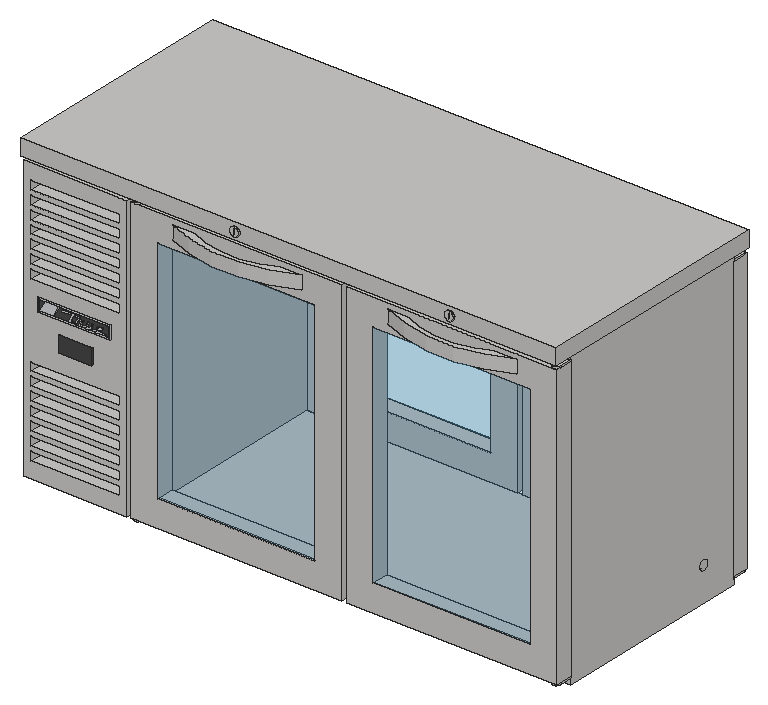
Revit family "QF_TRUE_TBR60-PTSZ1-L-B-GG-GG-1", category Specialty Equipment, Revit 2016
Family settings
  Part Type = Normal
  Round Connector Dimension = Use Diameter
  Work Plane-Based = No
  Always vertical = Yes
  Cut with Voids When Loaded = No
  Shared = No
  Room Calculation Point = No
Parameters
  Weight in Pounds = 0
  Watts = if(Phase = 3, Volts * FL Amps * 1.73, Volts * FL Amps)  # 0 W
  Waste Water Discharge Temperature = 0 °F
  Volts = 0 V
  URL Cutsheet = ""
  Steam Supply Volume = 0 GPM
  Steam Supply Size = 0"
  Steam Supply RI Height = 0"
  Steam Supply Minimum Pressure = 0.00 psi
  Steam Supply Maximum Pressure = 0.00 psi
  Steam Supply Connection Height = 0"
  Specification by User = ""
  Specification by Manufacturer = ""
  Show Logo [instance] = yes
  Show Clearance [instance] = yes
  Serial Number = ""
  Seismic Rating = ""
  SMACNA No = ""
  Revision Code = ""
  Plumbing Remarks = ""
  Plumbing Connection Type = ""
  Phase = 1
  Number of Poles = 1
  NAFEM Spec ID Number = ""
  Model = "TBR60-PTSZ1-L-B-GG-GG-1"
  Min Ckt Ampacity = 0 A
  Mechanical Remarks = ""
  Mechanical Connection Type = ""
  Max Overcurrent Protection = 0 A
  Masterspec = ""
  Manufacturer = "TRUE"
  Length = 60"
  Item Number = ""
  Installed By = ""
  Indirect Waste Size = 1/2"
  Indirect Waste Flow = 0 GPM
  Indirect Waste Connection Type = ""
  Indirect Waste Connection Height = 0"
  Identify Quantity as Lot = yes
  Height = 34 11/16"
  HP = "0"
  Furnished By = ""
  Foodservice Equipment Identifier = yes
  FL Amps = 0 A
  Electrical Remarks = ""
  Electric Connection Type = ""
  Elec Conn RI Height = 0"
  Elec Conn Connection Height = 0"
  Description = "REACH-IN SINGLE REFRIGERATOR"
  Depth = 30"
  Cycle = 0 Hz
  Conn Plug = ""
  Conn Conduit = yes
  Condensate Return Size = 1/2"
  Condensate Return RI Height = 0"
  Condensate Return Connection Height = 0"
  CSI MasterFormat = ""
  Apparent Power = if(Phase = 3, Volts * FL Amps * 1.73, Volts * FL Amps)  # 0 VA
Reference planes (in)
  plane 1 "BACK": y = 0
  plane 2: z = 0
  plane 3 "LEFT": x = 0
  plane 4 "RIGHT": x = 60
  plane 5 "FRONT": y = -30
  plane 6 "TOP": z = 34.6875
  plane 7 "Center Y": x = 30
  plane 8 "Center X": y = -15
  plane 9: z = 0.78125
  plane 10: z = 32.46875
  plane 11: y = 21.1875
  plane 12: y = -51.1875
  plane 13: x = 24.0625
Forms (in)
  Extrusion 1, solid, material "QF_Metal - Stainless - Polished"
    sketch origin (0, -3.60936, 0) x (0, 1, 0) y (0, 0, 1)
      loop
        line (-24.85939, 34.6875) -> (-24.85939, 32.9375) -> (2.07811, 32.9375) -> (2.07811, 34.6875) -> (-24.85939, 34.6875)
    from 0 to 60
  Extrusion 2, solid, material "QF_Plastic - Black - Transparent"
    sketch origin (0.04324, -28.28125, 0) x (1, 0, 0) y (0, 0, 1)
      loop
        line (4.20676, 16.37472) -> (4.20676, 14.62472) -> (7.87863, 14.62472) -> (7.87863, 16.37472) -> (4.20676, 16.37472)
    from 0 to 0.125
  Extrusion 3, solid, material "QF_Metal - Stainless - Polished"
    sketch origin (0, -7.21873, 0) x (1, 0, 0) y (0, 1, 0)
      loop
        circle (16.75, -1.34377) r 0.5
      loop
        circle (52.25, -0.71877) r 0.5
    from 0 to 0.125
  Extrusion 4, solid, material "QF_Metal - Stainless - Polished"
    sketch origin (60, -3.60936, 0) x (0, 0, 1) y (0, -1, 0)
      loop
        circle (3.9375, 4.32814) r 0.5
    from 0 to 0.125
  Extrusion 5, solid, material "QF_Metal - Stainless - Polished"
    sketch origin (31.25, -26.38176, 32.46875) x (1, 0, 0) y (0, 1, 0)
      loop
        arc (-19, -1.45442) -> (-18.62072, -1.8946) -> (-18.12932, -1.58454) r 0.44506
        line (-18.12932, -1.58454) -> (-17.64487, 0) -> (-19, 0) -> (-19, -1.45442)
    from 0 to 0.125
  Extrusion 6, solid, material "QF_Metal - Stainless - Polished"
    sketch origin (48.25, -26.38176, 0.78125) x (0, 1, 0) y (1, 0, 0)
      loop
        line (-1.45442, -36) -> (0, -36) -> (0, -34.64487) -> (-1.58454, -35.12932)
        arc (-1.58454, -35.12932) -> (-1.8946, -35.62072) -> (-1.45442, -36) r 0.44506
    from 0 to 0.125
  Extrusion 7, solid, material "QF_Metal - Stainless - Polished"
    sketch origin (41, -26.38176, 32.46875) x (-1, 0, 0) y (0, -1, 0)
      loop
        line (-19, 1.45442) -> (-19, 0) -> (-17.64487, 0) -> (-18.12932, 1.58454)
        arc (-18.12932, 1.58454) -> (-18.62072, 1.8946) -> (-19, 1.45442) r 0.44506
    from 0 to 0.125
  Extrusion 8, solid, material "QF_Metal - Stainless - Polished"
    sketch origin (24, -26.38176, 0.78125) x (0, -1, 0) y (-1, 0, 0)
      loop
        arc (1.45442, -36) -> (1.8946, -35.62072) -> (1.58454, -35.12932) r 0.44506
        line (1.58454, -35.12932) -> (0, -34.64487) -> (0, -36) -> (1.45442, -36)
    from 0 to 0.125
  Extrusion 9, solid, material "QF_Metal - Stainless - Polished"
    sketch origin (0, -26.39063, 0.03125) x (1, 0, 0) y (0, 0, 1)
      loop
        line (12.25, 0.75) -> (35.875, 0.75) -> (35.875, 32.4375) -> (12.25, 32.4375) -> (12.25, 0.75)
      loop
        line (60, 0.75) -> (60, 32.4375) -> (36.375, 32.4375) -> (36.375, 0.75) -> (60, 0.75)
      loop
        line (32.875, 29.4375) -> (15.25, 29.4375) -> (15.25, 3.75) -> (32.875, 3.75) -> (32.875, 29.4375)
      loop
        line (57, 29.4375) -> (39.375, 29.4375) -> (39.375, 3.75) -> (57, 3.75) -> (57, 29.4375)
    from -0.01563 to 1.89062
  Extrusion 10, solid, material "QF_Door-Drawer Clearances", visible <- "Show Clearance", detail levels coarse
    sketch origin (48.375, -26.35936, 0.8125) x (0, 1, 0) y (1, 0, 0)
      loop
        line (-1.92189, 11.625) -> (-24.82814, 11.625)
        arc (-24.82814, 11.625) -> (-18.1487, -4.81596) -> (-1.92189, -12) r 23.68133
        line (-1.92189, -12) -> (-1.92189, 11.625)
      loop
        line (-1.92189, -36.125) -> (-1.92189, -12.5)
        arc (-1.92189, -12.5) -> (-18.1487, -19.68404) -> (-24.82814, -36.125) r 23.68133
        line (-24.82814, -36.125) -> (-1.92189, -36.125)
    from 0.03125 to -31.65625
  Extrusion 11, solid, material "QF_Metal - Stainless - Polished"
    sketch origin (29.40625, -26.35936, 32.5) x (-1, 0, 0) y (0, -1, 0)
      loop
        arc (12.48111, 1.92189) -> (5.25, 3.64064) -> (-1.98111, 1.92189) r 16.0707
        line (-1.98111, 1.92189) -> (0.28781, 1.92189)
        arc (0.28781, 1.92189) -> (5.25, 3.15287) -> (10.21219, 1.92189) r 10.61701
        line (10.21219, 1.92189) -> (12.48111, 1.92189)
    from -2.11784 to -0.60631
  Extrusion 12, solid, material "QF_Metal - Stainless - Polished"
    sketch origin (53.46875, -26.35936, 32.5) x (-1, 0, 0) y (0, -1, 0)
      loop
        arc (12.48111, 1.92189) -> (5.25, 3.64063) -> (-1.98111, 1.92189) r 16.07078
        line (-1.98111, 1.92189) -> (0.28781, 1.92189)
        arc (0.28781, 1.92189) -> (5.25, 3.15287) -> (10.21219, 1.92189) r 10.61701
        line (10.21219, 1.92189) -> (12.48111, 1.92189)
    from -2.11784 to -0.60631
  Extrusion 13, solid, material "QF_Metal - Stainless - Polished"
    sketch origin (0, -26.39063, 0) x (1, 0, 0) y (0, 0, 1)
      loop
        line (0.20313, 0.78125) -> (11.79688, 0.78125) -> (11.79688, 32.46875) -> (0.20313, 32.46875) -> (0.20313, 0.78125)
      loop
        line (1.03906, 30.81709) -> (1.03906, 29.81709) -> (10.96094, 29.81709) -> (10.96094, 30.81709) -> (1.03906, 30.81709)
      loop
        line (1.03906, 29.31709) -> (1.03906, 28.31709) -> (10.96094, 28.31709) -> (10.96094, 29.31709) -> (1.03906, 29.31709)
      loop
        line (1.03906, 27.81709) -> (1.03906, 26.81709) -> (10.96094, 26.81709) -> (10.96094, 27.81709) -> (1.03906, 27.81709)
      loop
        line (1.03906, 26.31709) -> (1.03906, 25.31709) -> (10.96094, 25.31709) -> (10.96094, 26.31709) -> (1.03906, 26.31709)
      loop
        line (1.03906, 24.81709) -> (1.03906, 23.81709) -> (10.96094, 23.81709) -> (10.96094, 24.81709) -> (1.03906, 24.81709)
      loop
        line (1.03906, 21.81709) -> (1.03906, 20.81709) -> (10.96094, 20.81709) -> (10.96094, 21.81709) -> (1.03906, 21.81709)
      loop
        line (1.03906, 23.31709) -> (1.03906, 22.31709) -> (10.96094, 22.31709) -> (10.96094, 23.31709) -> (1.03906, 23.31709)
      loop
        line (1.03906, 12.56709) -> (1.03906, 11.56709) -> (10.96094, 11.56709) -> (10.96094, 12.56709) -> (1.03906, 12.56709)
      loop
        line (1.03906, 11.06709) -> (1.03906, 10.06709) -> (10.96094, 10.06709) -> (10.96094, 11.06709) -> (1.03906, 11.06709)
      loop
        line (1.03906, 9.56709) -> (1.03906, 8.56709) -> (10.96094, 8.56709) -> (10.96094, 9.56709) -> (1.03906, 9.56709)
      loop
        line (1.03906, 8.06709) -> (1.03906, 7.06709) -> (10.96094, 7.06709) -> (10.96094, 8.06709) -> (1.03906, 8.06709)
      loop
        line (1.03906, 6.56709) -> (1.03906, 5.56709) -> (10.96094, 5.56709) -> (10.96094, 6.56709) -> (1.03906, 6.56709)
      loop
        line (1.03906, 3.56709) -> (1.03906, 2.56709) -> (10.96094, 2.56709) -> (10.96094, 3.56709) -> (1.03906, 3.56709)
      loop
        line (1.03906, 5.06709) -> (1.03906, 4.06709) -> (10.96094, 4.06709) -> (10.96094, 5.06709) -> (1.03906, 5.06709)
    from -0.01563 to 1.89062
  Extrusion 14, solid, material "QF_Metal - Stainless - Polished"
    sketch origin (0, -3.59374, 0) x (1, 0, 0) y (0, 0, 1)
      loop
        line (59, 0.78125) -> (59, 32.46875) -> (12.25, 32.46875) -> (12.25, 0.78125) -> (59, 0.78125)
      loop
        line (60, 32.9375) -> (0, 32.9375) -> (0, 0) -> (60, 0) -> (60, 32.9375)
    from 0.03126 to 22.78126
  Extrusion 15, solid, material "QF_Metal - Stainless - Polished"
    sketch origin (31.25, -3.61824, 32.46875) x (1, 0, 0) y (0, 1, 0)
      loop
        line (-19, 1.45442) -> (-19, 0) -> (-17.64487, 0) -> (-18.12932, 1.58454)
        arc (-18.12932, 1.58454) -> (-18.62072, 1.8946) -> (-19, 1.45442) r 0.44506
    from 0 to 0.125
  Extrusion 16, solid, material "QF_Metal - Stainless - Polished"
    sketch origin (48.25, -3.61824, 0.78125) x (0, 1, 0) y (1, 0, 0)
      loop
        arc (1.45442, -36) -> (1.8946, -35.62072) -> (1.58454, -35.12932) r 0.44506
        line (1.58454, -35.12932) -> (0, -34.64487) -> (0, -36) -> (1.45442, -36)
    from 0 to 0.125
  Extrusion 17, solid, material "QF_Metal - Stainless - Polished"
    sketch origin (41, -3.61824, 32.46875) x (-1, 0, 0) y (0, -1, 0)
      loop
        arc (-19, -1.45442) -> (-18.62072, -1.8946) -> (-18.12932, -1.58454) r 0.44506
        line (-18.12932, -1.58454) -> (-17.64487, 0) -> (-19, 0) -> (-19, -1.45442)
    from 0 to 0.125
  Extrusion 18, solid, material "QF_Metal - Stainless - Polished"
    sketch origin (24, -3.61824, 0.78125) x (0, -1, 0) y (-1, 0, 0)
      loop
        line (-1.45442, -36) -> (0, -36) -> (0, -34.64487) -> (-1.58454, -35.12932)
        arc (-1.58454, -35.12932) -> (-1.8946, -35.62072) -> (-1.45442, -36) r 0.44506
    from 0 to 0.125
  Extrusion 19, solid, material "QF_Metal - Stainless - Polished"
    sketch origin (0, -3.60937, 0.03125) x (1, 0, 0) y (0, 0, -1)
      loop
        line (12.25, -0.75) -> (12.25, -32.4375) -> (35.875, -32.4375) -> (35.875, -0.75) -> (12.25, -0.75)
      loop
        line (60, -0.75) -> (36.375, -0.75) -> (36.375, -32.4375) -> (60, -32.4375) -> (60, -0.75)
      loop
        line (39.375, -3.75) -> (39.375, -29.4375) -> (57, -29.4375) -> (57, -3.75) -> (39.375, -3.75)
      loop
        line (32.875, -29.4375) -> (32.875, -3.75) -> (15.25, -3.75) -> (15.25, -29.4375) -> (32.875, -29.4375)
    from -0.01563 to 1.89062
  Extrusion 20, solid, material "QF_Metal - Stainless - Polished"
    sketch origin (29.40625, -3.64064, 32.5) x (-1, 0, 0) y (0, -1, 0)
      loop
        line (12.48111, -1.92189) -> (10.21219, -1.92189)
        arc (10.21219, -1.92189) -> (5.25, -3.15287) -> (0.28781, -1.92189) r 10.61701
        line (0.28781, -1.92189) -> (-1.98111, -1.92189)
        arc (-1.98111, -1.92189) -> (5.25, -3.64064) -> (12.48111, -1.92189) r 16.0707
    from -2.11784 to -0.60631
  Extrusion 21, solid, material "QF_Metal - Stainless - Polished"
    sketch origin (53.46875, -3.64064, 32.5) x (-1, 0, 0) y (0, -1, 0)
      loop
        line (12.48111, -1.92189) -> (10.21219, -1.92189)
        arc (10.21219, -1.92189) -> (5.25, -3.15287) -> (0.28781, -1.92189) r 10.61701
        line (0.28781, -1.92189) -> (-1.98111, -1.92189)
        arc (-1.98111, -1.92189) -> (5.25, -3.64063) -> (12.48111, -1.92189) r 16.07078
    from -2.11784 to -0.60631
  Extrusion 22, solid, material "QF_Metal - Stainless - Polished"
    sketch origin (0, -3.60937, 0) x (1, 0, 0) y (0, 0, -1)
      loop
        line (0.20313, -0.78125) -> (0.20313, -32.46875) -> (11.79688, -32.46875) -> (11.79688, -0.78125) -> (0.20313, -0.78125)
      loop
        line (1.03906, -30.81709) -> (10.96094, -30.81709) -> (10.96094, -29.81709) -> (1.03906, -29.81709) -> (1.03906, -30.81709)
      loop
        line (1.03906, -29.31709) -> (10.96094, -29.31709) -> (10.96094, -28.31709) -> (1.03906, -28.31709) -> (1.03906, -29.31709)
      loop
        line (1.03906, -27.81709) -> (10.96094, -27.81709) -> (10.96094, -26.81709) -> (1.03906, -26.81709) -> (1.03906, -27.81709)
      loop
        line (1.03906, -26.31709) -> (10.96094, -26.31709) -> (10.96094, -25.31709) -> (1.03906, -25.31709) -> (1.03906, -26.31709)
      loop
        line (1.03906, -24.81709) -> (10.96094, -24.81709) -> (10.96094, -23.81709) -> (1.03906, -23.81709) -> (1.03906, -24.81709)
      loop
        line (1.03906, -21.81709) -> (10.96094, -21.81709) -> (10.96094, -20.81709) -> (1.03906, -20.81709) -> (1.03906, -21.81709)
      loop
        line (1.03906, -23.31709) -> (10.96094, -23.31709) -> (10.96094, -22.31709) -> (1.03906, -22.31709) -> (1.03906, -23.31709)
      loop
        line (1.03906, -12.56709) -> (10.96094, -12.56709) -> (10.96094, -11.56709) -> (1.03906, -11.56709) -> (1.03906, -12.56709)
      loop
        line (1.03906, -11.06709) -> (10.96094, -11.06709) -> (10.96094, -10.06709) -> (1.03906, -10.06709) -> (1.03906, -11.06709)
      loop
        line (1.03906, -9.56709) -> (10.96094, -9.56709) -> (10.96094, -8.56709) -> (1.03906, -8.56709) -> (1.03906, -9.56709)
      loop
        line (1.03906, -8.06709) -> (10.96094, -8.06709) -> (10.96094, -7.06709) -> (1.03906, -7.06709) -> (1.03906, -8.06709)
      loop
        line (1.03906, -6.56709) -> (10.96094, -6.56709) -> (10.96094, -5.56709) -> (1.03906, -5.56709) -> (1.03906, -6.56709)
      loop
        line (1.03906, -3.56709) -> (10.96094, -3.56709) -> (10.96094, -2.56709) -> (1.03906, -2.56709) -> (1.03906, -3.56709)
      loop
        line (1.03906, -5.06709) -> (10.96094, -5.06709) -> (10.96094, -4.06709) -> (1.03906, -4.06709) -> (1.03906, -5.06709)
    from -0.01563 to 1.89062
  Extrusion 23, solid, material "QF_Metal - Stainless - Polished"
    sketch origin (0.20313, -3.60937, 0.78125) x (0, -1, 0) y (-1, 0, 0)
      loop
        circle (-0.9375, -5.79688) r 0.25
    from 0 to 0.25
  Extrusion 24, solid, material "QF_Door-Drawer Clearances", visible <- "Show Clearance", detail levels coarse
    sketch origin (48.375, -3.64064, 0.8125) x (0, 1, 0) y (1, 0, 0)
      loop
        line (1.92189, 11.625) -> (1.92189, -12)
        arc (1.92189, -12) -> (18.1487, -4.81596) -> (24.82814, 11.625) r 23.68133
        line (24.82814, 11.625) -> (1.92189, 11.625)
      loop
        line (1.92189, -36.125) -> (24.82814, -36.125)
        arc (24.82814, -36.125) -> (18.1487, -19.68404) -> (1.92189, -12.5) r 23.68133
        line (1.92189, -12.5) -> (1.92189, -36.125)
    from 0.03125 to -31.65625
  Extrusion 25, solid, material "Glass"
    sketch origin (0, -28.28125, 0.03125) x (1, 0, 0) y (0, 0, 1)
      loop
        line (15.25, 29.4375) -> (15.25, 3.75) -> (32.875, 3.75) -> (32.875, 29.4375) -> (15.25, 29.4375)
      loop
        line (39.375, 29.4375) -> (39.375, 3.75) -> (57, 3.75) -> (57, 29.4375) -> (39.375, 29.4375)
    from 0 to -0.125
  Extrusion 26, solid, material "Glass"
    sketch origin (0, -1.71875, 0.03125) x (1, 0, 0) y (0, 0, -1)
      loop
        line (15.25, -29.4375) -> (32.875, -29.4375) -> (32.875, -3.75) -> (15.25, -3.75) -> (15.25, -29.4375)
      loop
        line (39.375, -29.4375) -> (57, -29.4375) -> (57, -3.75) -> (39.375, -3.75) -> (39.375, -29.4375)
    from 0 to -0.125
  Extrusion 27, solid, material "QF_Metal - Stainless - Polished"
    sketch origin (1.875, -28.46875, 34.4375) x (0, 0, 1) y (-1, 0, 0)
      loop
        circle (-0.65572, -22.1875) r 0.5
      loop
        line (-0.32569, -22.12487) -> (-0.96744, -22.12487) -> (-0.96744, -22.26457) -> (-0.32569, -22.26457) -> (-0.32569, -22.12487)
    from 0 to 0.125
  Extrusion 28, solid, material "QF_Metal - Stainless - Polished"
    sketch origin (25.9375, -28.46875, 34.4375) x (0, 0, 1) y (-1, 0, 0)
      loop
        circle (-0.65572, -22.1875) r 0.5
      loop
        line (-0.32569, -22.12487) -> (-0.96744, -22.12487) -> (-0.96744, -22.26457) -> (-0.32569, -22.26457) -> (-0.32569, -22.12487)
    from 0 to 0.125
  Extrusion 29, solid, material "QF_Metal - Stainless - Polished"
    sketch origin (0, -1.53125, 34.6875) x (0, 0, -1) y (-1, 0, 0)
      loop
        circle (0.90572, -24.0625) r 0.5
      loop
        line (0.57569, -23.99987) -> (0.57569, -24.13957) -> (1.21744, -24.13957) -> (1.21744, -23.99987) -> (0.57569, -23.99987)
    from 0 to 0.125
  Extrusion 30, solid, material "QF_Metal - Stainless - Polished"
    sketch origin (0, -1.53125, 34.6875) x (0, 0, -1) y (-1, 0, 0)
      loop
        circle (0.90572, -48.125) r 0.5
      loop
        line (0.57569, -48.06237) -> (0.57569, -48.20207) -> (1.21744, -48.20207) -> (1.21744, -48.06237) -> (0.57569, -48.06237)
    from 0 to 0.125
Lines and regions (in)
  Split face 1
    outline origin (0, -26.375, 0) x (1, 0, 0) y (0, 0, 1)
      loop
        line (1.03906, 30.81709) -> (1.03906, 2.56709) -> (10.96094, 2.56709) -> (10.96094, 30.81709) -> (1.03906, 30.81709)
  Split face 2
    outline origin (0, -3.625, 0) x (1, 0, 0) y (0, 0, 1)
      loop
        line (10.96094, 30.81709) -> (1.03906, 30.81709) -> (1.03906, 2.56709) -> (10.96094, 2.56709) -> (10.96094, 30.81709)
  symbolic lines
    curve 1: line (0, -28.46875, 0) -> (0, -1.53125, 0)
    curve 2: line (60, -28.46875, 0) -> (0, -28.46875, 0)
    curve 3: line (60, -1.53125, 0) -> (60, -28.46875, 0)
    curve 4: arc (17.30995, -28.46875, 0) -> (24.15625, -30, 0) -> (31.00255, -28.46875, 0) r 16.0707
    curve 5: arc (28.74629, -28.46875, 0) -> (24.15625, -29.51223, 0) -> (19.56621, -28.46875, 0) r 10.61701
    curve 6: arc (41.37247, -28.46875, 0) -> (48.21875, -29.99999, 0) -> (55.06503, -28.46875, 0) r 16.0707
    curve 7: arc (52.80877, -28.46875, 0) -> (48.21875, -29.51222, 0) -> (43.62873, -28.46875, 0) r 10.61701
    curve 8: arc (17.24395, -1.56251, 0) -> (24.15625, 0, 0) -> (31.06855, -1.56251, 0) r 16.0707
    curve 9: arc (28.81092, -1.56251, 0) -> (24.15625, -0.48777, 0) -> (19.50158, -1.56251, 0) r 10.61701
    curve 10: arc (41.30647, -1.56251, 0) -> (48.21875, -0.00001, 0) -> (55.13103, -1.56251, 0) r 16.0707
    curve 11: arc (52.8734, -1.56251, 0) -> (48.21875, -0.48778, 0) -> (43.5641, -1.56251, 0) r 10.61701
    curve 20: line (0, -1.53125, 0) -> (60, -1.53125, 0)
  symbolic lines, style "QF_Door-Drawer Clearances"
    curve 12: line (12.25, -28.46875, 0) -> (32.29706, -40.04292, 0)
    curve 13: arc (35.86812, -28.46875, 0) -> (34.83509, -34.48801, 0) -> (32.29706, -40.04292, 0) r 23.68133
    curve 14: line (60, -28.46875, 0) -> (39.95294, -40.04292, 0)
    curve 15: arc (39.95294, -40.04292, 0) -> (37.41491, -34.48801, 0) -> (36.38188, -28.46875, 0) r 23.68133
    curve 16: line (12.25, -1.53125, 0) -> (32.29706, 10.04292, 0)
    curve 17: arc (35.86812, -1.53125, 0) -> (34.83509, 4.48801, 0) -> (32.29706, 10.04292, 0) r 23.68133
    curve 18: line (60, -1.53125, 0) -> (39.95294, 10.04292, 0)
    curve 19: arc (39.95294, 10.04292, 0) -> (37.41491, 4.48801, 0) -> (36.38188, -1.53125, 0) r 23.68133
Dimensions and locks (in)
  equal spacing: plane 3 "LEFT", plane 7 "Center Y", plane 4 "RIGHT"
  "Length": plane 3 "LEFT" to plane 4 "RIGHT"
  equal spacing: plane 5 "FRONT", plane 8 "Center X", plane 1 "BACK"
  "Depth": plane 5 "FRONT" to plane 1 "BACK"
  "Height": plane 6 "TOP" to level
  plane 3 "LEFT" to plane 4 "RIGHT" = 60"
  plane 5 "FRONT" to plane 1 "BACK" = 30"
  plane 9 to level = 25/32"
  plane 6 "TOP" to plane 10 = 2 7/32"
  plane 10 to plane 9 = 31 11/16"
  Extrusion 9 to Extrusion 19 = 26 9/16"
  Extrusion 4 sketch curve to level = 3 15/16"
  Extrusion 4 sketch curve to Extrusion 19 = 4 5/16"
  Extrusion 1 to Extrusion 3 sketch curve = 6 13/32"
  Extrusion 3 sketch curve to plane 4 "RIGHT" = 7 3/4"
  plane 3 "LEFT" to Extrusion 3 sketch curve = 16 3/4"
  Extrusion 1 to Extrusion 3 sketch curve = 7 1/32"
  Extrusion 13 to Extrusion 13 = 11 19/32"
  Extrusion 10 to Extrusion 9 = 23 5/8"
  Extrusion 9 to plane 4 "RIGHT" = 23 5/8"
  Extrusion 25 to Extrusion 25 = 25 11/16"
  Extrusion 25 to Extrusion 25 = 17 5/8"
  plane 6 "TOP" to Extrusion 1 = 1 3/4"
  Extrusion 1 to Extrusion 1 = 26 15/16"
  aligned and locked: level to plane 2
Automatic sketch dimensions
  curve 1 to plane 3 "LEFT" = 0"
  curve 18 to plane 4 "RIGHT" = 0"
  curve 13 to plane 5 "FRONT" = 2.49379"
  plane 13 to curve 13 = 11.85615"
  plane 1 "BACK" to curve 17 = 2.49379"
  plane 13 to curve 17 = 11.85615"
  curve 4 to plane 13 = 3/32"
  curve 5 to plane 13 = 3/32"
  curve 9 to plane 13 = 3/32"
  curve 8 to plane 13 = 3/32"
  plane 7 "Center Y" to curve 16 = 2.29706"
  plane 7 "Center Y" to curve 12 = 2.29706"
  curve 17 to curve 18 = 7.65589"
  curve 13 to curve 14 = 7.65589"
  curve 7 to plane 8 "Center X" = 3.89521"
  plane 4 "RIGHT" to curve 7 = 11 25/32"
  curve 10 to plane 8 "Center X" = 1.07071"
  curve 10 to curve 7 = 0"
  plane 8 "Center X" to curve 6 = 1.07071"
  curve 6 to curve 10 = 0"
  curve 11 to curve 6 = 0"
  curve 19 to plane 4 "RIGHT" = 0.04365"
  curve 15 to plane 4 "RIGHT" = 0.04365"
  curve 1 to plane 5 "FRONT" = 1 17/32"
  plane 5 "FRONT" to curve 14 = 10.04292"
  curve 12 to curve 15 = 0"
  curve 2 to curve 15 = 0.96254"
  curve 5 to plane 8 "Center X" = 3.89522"
  curve 8 to plane 8 "Center X" = 1.0707"
  plane 8 "Center X" to curve 4 = 1.0707"
  curve 6 to curve 11 = 2.8245"
  curve 4 to curve 9 = 2.82452"
  plane 1 "BACK" to curve 19 = 2.49379"
  plane 1 "BACK" to curve 20 = 1 17/32"
  curve 16 to plane 1 "BACK" = 10.04292"
  curve 17 to curve 18 = 0"
  curve 13 to curve 12 = 0.04365"
  curve 17 to curve 16 = 0.04365"
  plane 1 "BACK" to curve 8 = 1 9/16"
  curve 16 to curve 8 = 4.99395"
  curve 12 to curve 4 = 5.05995"
  curve 8 to curve 9 = 2.25762"
  curve 4 to curve 5 = 2.25626"
  curve 9 to plane 7 "Center Y" = 1.18908"
  plane 7 "Center Y" to curve 8 = 1.06855"
  plane 1 "BACK" to curve 10 = 1 9/16"  (x2)
  curve 19 to curve 10 = 4.92459"
  curve 15 to curve 6 = 4.99059"
  curve 10 to curve 11 = 2.25762"
  curve 6 to curve 7 = 2.25626"
  plane 1 "BACK" to curve 11 = 1 9/16"
  plane 4 "RIGHT" to curve 11 = 7.1266"
  plane 1 "BACK" to curve 9 = 1 9/16"
  Extrusion 1 sketch curve to plane 6 "TOP" = 0"
  plane 10 to Extrusion 1 sketch curve = 15/32"
  Extrusion 1 sketch curve to plane 5 "FRONT" = 1 17/32"
  plane 1 "BACK" to Extrusion 1 sketch curve = 1 17/32"
  plane 3 "LEFT" to Extrusion 2 sketch curve = 4 1/4"
  Extrusion 2 sketch curve to Extrusion 2 sketch curve = 3 43/64"
  plane 9 to Extrusion 2 sketch curve = 13.84347"
  Extrusion 2 sketch curve to Extrusion 2 sketch curve = 1 3/4"
  Extrusion 5 sketch curve to plane 5 "FRONT" = 2.16381"
  plane 13 to Extrusion 5 sketch curve = 11 13/16"
  Extrusion 5 sketch curve to Extrusion 5 sketch curve = 0.44506"
  Extrusion 5 sketch curve to plane 5 "FRONT" = 2.03369"
  Extrusion 5 sketch curve to Extrusion 5 sketch curve = 1.35513"
  Extrusion 5 sketch curve to Extrusion 5 sketch curve = 1.45442"
  Extrusion 6 sketch curve to plane 5 "FRONT" = 2.03369"
  Extrusion 6 sketch curve to Extrusion 6 sketch curve = 0.13012"
  Extrusion 6 sketch curve to Extrusion 6 sketch curve = 1.45442"
  plane 13 to Extrusion 6 sketch curve = 10.45737"
  Extrusion 6 sketch curve to Extrusion 6 sketch curve = 0.48444"
  Extrusion 6 sketch curve to Extrusion 6 sketch curve = 0.42562"
  Extrusion 7 sketch curve to plane 4 "RIGHT" = 0"
  plane 4 "RIGHT" to Extrusion 7 sketch curve = 0.44506"
  Extrusion 7 sketch curve to Extrusion 7 sketch curve = 0.42562"
  plane 4 "RIGHT" to Extrusion 7 sketch curve = 1.35513"
  Extrusion 7 sketch curve to plane 5 "FRONT" = 3.61824"
  Extrusion 7 sketch curve to Extrusion 7 sketch curve = 1.45442"
  Extrusion 8 sketch curve to plane 4 "RIGHT" = 0"
  Extrusion 8 sketch curve to plane 5 "FRONT" = 3.61824"
  plane 4 "RIGHT" to Extrusion 8 sketch curve = 0.44506"
  Extrusion 8 sketch curve to Extrusion 8 sketch curve = 1.45442"
  plane 4 "RIGHT" to Extrusion 8 sketch curve = 0.87068"
  plane 4 "RIGHT" to Extrusion 8 sketch curve = 1.35513"
  Extrusion 9 sketch curve to plane 9 = 0"  (x2)
  Extrusion 9 sketch curve to plane 10 = 0"  (x2)
  plane 4 "RIGHT" to Extrusion 9 sketch curve = 0"
  plane 4 "RIGHT" to Extrusion 9 sketch curve = 3"
  plane 9 to Extrusion 9 sketch curve = 3"  (x2)
  plane 7 "Center Y" to Extrusion 9 sketch curve = 9 3/8"
  Extrusion 9 sketch curve to Extrusion 9 sketch curve = 3"  (x2)
  Extrusion 9 sketch curve to Extrusion 9 sketch curve = 1/2"
  plane 7 "Center Y" to Extrusion 9 sketch curve = 2 7/8"
  Extrusion 9 sketch curve to plane 10 = 3"  (x2)
  plane 13 to Extrusion 9 sketch curve = 8 13/16"
  Extrusion 10 sketch curve to plane 12 = 0"  (x2)
  Extrusion 10 sketch curve to plane 4 "RIGHT" = 0"
  Extrusion 10 sketch curve to plane 5 "FRONT" = 1 23/32"  (x2)
  Extrusion 10 sketch curve to Extrusion 10 sketch curve = 0.77504"  (x2)
  Extrusion 10 sketch curve to plane 4 "RIGHT" = 0.04365"
  Extrusion 10 sketch curve to Extrusion 10 sketch curve = 1/2"
  plane 13 to Extrusion 10 sketch curve = 11 13/16"
  plane 7 "Center Y" to Extrusion 11 sketch curve = 1.38736"
  Extrusion 11 sketch curve to plane 7 "Center Y" = 0.88156"
  Extrusion 11 sketch curve to plane 13 = 3/32"  (x2)
  Extrusion 11 sketch curve to plane 5 "FRONT" = 1 23/32"
  plane 13 to Extrusion 11 sketch curve = 4.86844"
  Extrusion 11 sketch curve to plane 8 "Center X" = 3.89522"
  plane 8 "Center X" to Extrusion 11 sketch curve = 1.0707"
  Extrusion 12 sketch curve to plane 5 "FRONT" = 1 23/32"  (x2)
  plane 4 "RIGHT" to Extrusion 12 sketch curve = 4.55014"
  Extrusion 12 sketch curve to Extrusion 12 sketch curve = 2.26892"
  Extrusion 12 sketch curve to plane 8 "Center X" = 3.89522"
  Extrusion 12 sketch curve to Extrusion 12 sketch curve = 4.96219"
  plane 8 "Center X" to Extrusion 12 sketch curve = 1.07079"
  Extrusion 12 sketch curve to Extrusion 12 sketch curve = 0"
  Extrusion 13 sketch curve to plane 10 = 0"
  Extrusion 13 sketch curve to plane 9 = 0"
  plane 3 "LEFT" to Extrusion 13 sketch curve = 13/64"
  plane 3 "LEFT" to Extrusion 13 sketch curve = 1 5/128"  (x4)
  Extrusion 13 sketch curve to Extrusion 13 sketch curve = 0"  (x23)
  Extrusion 13 sketch curve to Extrusion 13 sketch curve = 9 59/64"
  Extrusion 13 sketch curve to Extrusion 13 sketch curve = 107/128"
  plane 9 to Extrusion 13 sketch curve = 1.78584"
  Extrusion 13 sketch curve to Extrusion 13 sketch curve = 1"  (x14)
  Extrusion 13 sketch curve to Extrusion 13 sketch curve = 1/2"  (x12)
  Extrusion 13 sketch curve to Extrusion 13 sketch curve = 8 1/4"
  Extrusion 14 sketch curve to plane 3 "LEFT" = 0"
  Extrusion 14 sketch curve to plane 10 = 0"
  Extrusion 14 sketch curve to plane 9 = 0"
  plane 4 "RIGHT" to Extrusion 14 sketch curve = 0"
  Extrusion 14 sketch curve to level = 0"
  plane 13 to Extrusion 14 sketch curve = 11 13/16"
  plane 4 "RIGHT" to Extrusion 14 sketch curve = 1"
  plane 10 to Extrusion 14 sketch curve = 15/32"
  Split face 1 sketch curve to Extrusion 14 = 1 5/128"
  Split face 1 sketch curve to Extrusion 14 = 1 37/128"
  Extrusion 14 to Split face 1 sketch curve = 1.78584"
  Extrusion 14 to Split face 1 sketch curve = 1.65166"
  plane 1 "BACK" to Extrusion 15 sketch curve = 2.16381"
  plane 13 to Extrusion 15 sketch curve = 11 13/16"
  Extrusion 15 sketch curve to Extrusion 15 sketch curve = 0.44506"
  plane 1 "BACK" to Extrusion 15 sketch curve = 2.03369"
  Extrusion 15 sketch curve to Extrusion 15 sketch curve = 1.35513"
  Extrusion 15 sketch curve to Extrusion 15 sketch curve = 1.45442"
  plane 1 "BACK" to Extrusion 16 sketch curve = 3.61824"
  Extrusion 16 sketch curve to Extrusion 16 sketch curve = 1.45442"
  Extrusion 16 sketch curve to Extrusion 16 sketch curve = 0.13012"
  plane 13 to Extrusion 16 sketch curve = 10.45737"
  Extrusion 16 sketch curve to Extrusion 16 sketch curve = 0.48444"
  Extrusion 16 sketch curve to Extrusion 16 sketch curve = 0.42562"
  Extrusion 17 sketch curve to plane 4 "RIGHT" = 0"
  plane 4 "RIGHT" to Extrusion 17 sketch curve = 0.44506"
  Extrusion 17 sketch curve to Extrusion 17 sketch curve = 0.42562"
  plane 4 "RIGHT" to Extrusion 17 sketch curve = 1.35513"
  plane 1 "BACK" to Extrusion 17 sketch curve = 2.03369"
  Extrusion 17 sketch curve to Extrusion 17 sketch curve = 1.45442"
  Extrusion 18 sketch curve to plane 4 "RIGHT" = 0"
  plane 4 "RIGHT" to Extrusion 18 sketch curve = 0.87068"
  plane 1 "BACK" to Extrusion 18 sketch curve = 2.03369"
  Extrusion 18 sketch curve to Extrusion 18 sketch curve = 0.13012"
  Extrusion 18 sketch curve to Extrusion 18 sketch curve = 1.45442"
  plane 4 "RIGHT" to Extrusion 18 sketch curve = 1.35513"
  Extrusion 19 sketch curve to plane 9 = 0"  (x2)
  Extrusion 19 sketch curve to plane 10 = 0"  (x2)
  plane 4 "RIGHT" to Extrusion 19 sketch curve = 0"
  plane 4 "RIGHT" to Extrusion 19 sketch curve = 3"
  plane 9 to Extrusion 19 sketch curve = 3"  (x2)
  plane 7 "Center Y" to Extrusion 19 sketch curve = 9 3/8"
  Extrusion 19 sketch curve to Extrusion 19 sketch curve = 3"  (x2)
  Extrusion 19 sketch curve to Extrusion 19 sketch curve = 1/2"
  plane 7 "Center Y" to Extrusion 19 sketch curve = 2 7/8"
  Extrusion 19 sketch curve to plane 10 = 3"  (x2)
  plane 13 to Extrusion 19 sketch curve = 8 13/16"
  plane 7 "Center Y" to Extrusion 20 sketch curve = 1.38736"
  Extrusion 20 sketch curve to plane 7 "Center Y" = 0.88156"
  Extrusion 20 sketch curve to plane 13 = 3/32"  (x2)
  plane 1 "BACK" to Extrusion 20 sketch curve = 1 23/32"
  plane 13 to Extrusion 20 sketch curve = 4.86844"
  plane 8 "Center X" to Extrusion 20 sketch curve = 3.89522"
  Extrusion 20 sketch curve to plane 8 "Center X" = 1.0707"
  plane 1 "BACK" to Extrusion 21 sketch curve = 1 23/32"  (x2)
  plane 4 "RIGHT" to Extrusion 21 sketch curve = 4.55014"
  Extrusion 21 sketch curve to Extrusion 21 sketch curve = 2.26892"
  plane 8 "Center X" to Extrusion 21 sketch curve = 3.89522"
  Extrusion 21 sketch curve to Extrusion 21 sketch curve = 4.96219"
  Extrusion 21 sketch curve to plane 8 "Center X" = 1.07079"
  Extrusion 21 sketch curve to Extrusion 21 sketch curve = 0"
  Extrusion 22 sketch curve to plane 10 = 0"
  Extrusion 22 sketch curve to plane 9 = 0"
  plane 3 "LEFT" to Extrusion 22 sketch curve = 13/64"
  plane 3 "LEFT" to Extrusion 22 sketch curve = 1 5/128"  (x4)
  Extrusion 22 sketch curve to Extrusion 22 sketch curve = 0"  (x23)
  Extrusion 22 sketch curve to Extrusion 22 sketch curve = 9 59/64"
  Extrusion 22 sketch curve to Extrusion 22 sketch curve = 107/128"
  Extrusion 22 sketch curve to plane 10 = 1.65166"
  Extrusion 22 sketch curve to Extrusion 22 sketch curve = 1"  (x14)
  Extrusion 22 sketch curve to Extrusion 22 sketch curve = 1/2"  (x12)
  Extrusion 22 sketch curve to Extrusion 22 sketch curve = 8 1/4"
  Split face 2 sketch curve to Extrusion 14 = 1 5/128"
  Split face 2 sketch curve to Extrusion 14 = 1 37/128"
  Extrusion 14 to Split face 2 sketch curve = 1.78584"
  Extrusion 14 to Split face 2 sketch curve = 1.65166"
  Extrusion 23 sketch curve to Extrusion 22 = 61/64"
  Extrusion 23 sketch curve to Extrusion 22 = 5 51/64"
  Extrusion 24 sketch curve to plane 4 "RIGHT" = 0"
  plane 11 to Extrusion 24 sketch curve = 0"  (x2)
  plane 1 "BACK" to Extrusion 24 sketch curve = 1 23/32"  (x2)
  Extrusion 24 sketch curve to Extrusion 24 sketch curve = 0.77504"  (x2)
  Extrusion 24 sketch curve to plane 4 "RIGHT" = 0.04365"
  Extrusion 24 sketch curve to Extrusion 24 sketch curve = 1/2"
  plane 13 to Extrusion 24 sketch curve = 11 13/16"
  Extrusion 25 sketch curve to Extrusion 9 = 0"  (x7)
  Extrusion 9 to Extrusion 25 sketch curve = 0"
  Extrusion 26 sketch curve to plane 10 = 3"  (x2)
  plane 13 to Extrusion 26 sketch curve = 8 13/16"
  plane 7 "Center Y" to Extrusion 26 sketch curve = 2 7/8"
  Extrusion 26 sketch curve to Extrusion 26 sketch curve = 6 1/2"
  plane 4 "RIGHT" to Extrusion 26 sketch curve = 3"
  plane 9 to Extrusion 26 sketch curve = 3"  (x2)
  Extrusion 27 sketch curve to Extrusion 1 = 0.53256"
  Extrusion 27 sketch curve to Extrusion 27 sketch curve = 0.31172"
  Extrusion 27 sketch curve to Extrusion 27 sketch curve = 0.33003"
  Extrusion 1 to Extrusion 27 sketch curve = 24.13957"
  Extrusion 27 sketch curve to Extrusion 27 sketch curve = 0.07707"
  Extrusion 27 sketch curve to Extrusion 27 sketch curve = 0.1397"
  Extrusion 28 sketch curve to Extrusion 1 = 0.53256"
  Extrusion 28 sketch curve to Extrusion 28 sketch curve = 0.31172"
  Extrusion 28 sketch curve to Extrusion 28 sketch curve = 0.33003"
  Extrusion 1 to Extrusion 28 sketch curve = 11.79793"
  Extrusion 28 sketch curve to Extrusion 28 sketch curve = 0.07707"
  Extrusion 28 sketch curve to Extrusion 28 sketch curve = 0.1397"
  Extrusion 1 to Extrusion 29 sketch curve = 0.57569"
  Extrusion 29 sketch curve to Extrusion 29 sketch curve = 0.33003"
  Extrusion 29 sketch curve to Extrusion 29 sketch curve = 0.31172"
  Extrusion 1 to Extrusion 29 sketch curve = 24.13957"
  Extrusion 29 sketch curve to Extrusion 29 sketch curve = 0.07707"
  Extrusion 29 sketch curve to Extrusion 29 sketch curve = 0.1397"
  Extrusion 1 to Extrusion 30 sketch curve = 0.57569"
  Extrusion 30 sketch curve to Extrusion 30 sketch curve = 0.33003"
  Extrusion 30 sketch curve to Extrusion 30 sketch curve = 0.31172"
  Extrusion 1 to Extrusion 30 sketch curve = 11.79793"
  Extrusion 30 sketch curve to Extrusion 30 sketch curve = 0.07707"
  Extrusion 30 sketch curve to Extrusion 30 sketch curve = 0.1397"
  radius of Extrusion 3 sketch curve = 1/2"  (x2)
  radius of Extrusion 4 sketch curve = 1/2"
  radius of Extrusion 23 sketch curve = 1/4"
  radius of Extrusion 27 sketch curve = 1/2"
  radius of Extrusion 28 sketch curve = 1/2"
  radius of Extrusion 29 sketch curve = 1/2"
  radius of Extrusion 30 sketch curve = 1/2"
Nested families (in)
  nested 1: "QF_LOGO_TRUE" at (1.85445, -28.28125, 17.85445), visible <- "Show Logo", Show Logo <- "Show Logo", type "QF_LOGO_TRUE", detail levels medium+fine
    with Show Logo yes
Connectors (in)
  electrical at (6, -2.67188, 0.53125), driven by "Volts", driven by "Watts"
    settings: on Extrusion 23, index 1, voltage 0 V, apparent load 0 VA, apparent load phase1 0 VA, apparent load phase2 0 VA, apparent load phase3 0 VA, power factor 1, load classification "Other", number of poles 1, system type 30, power factor state 1, is connector primary yes, connector utility no, sub classification motor no, connector description "ELECTRICAL CONNECTION"
  piping at (16.75, -8.5625, 0), diameter 2.25
    settings: on Extrusion 3, index 2, connector inside diameter 24", connector length 0", flow factor 0, pipe flow 0 GPM, pressure drop 0.00 psi, fitting loss kfactor 0, connector angle 0.00°, fixture units 0, engagement length 0", angle of deflection 0.00°, flow configuration 1, flow direction 2, fitting loss method 0, system type 16, joint type 0, gender type 0, connector reference index -1, connector utility 0, adjustable connector no, is connector primary yes, connector description "FLOOR ACCESS"
  piping at (52.25, -7.9375, 0), diameter 0.5, driven by "Indirect Waste Flow", driven by "Indirect Waste Size"
    settings: on Extrusion 3, index 3, connector inside diameter 24", connector length 0", flow factor 0, pipe flow 0 GPM, pressure drop 0.00 psi, fitting loss kfactor 0, connector angle 0.00°, fixture units 0, engagement length 0", angle of deflection 0.00°, flow configuration 1, flow direction 2, fitting loss method 0, system type 16, joint type 0, gender type 0, connector reference index -1, connector utility 0, adjustable connector no, is connector primary no, connector description "DRAIN"
  piping at (60.125, -7.9375, 3.9375), diameter 1
    settings: on Extrusion 4, index 4, connector inside diameter 24", connector length 0", flow factor 0, pipe flow 0 GPM, pressure drop 0.00 psi, fitting loss kfactor 0, connector angle 0.00°, fixture units 0, engagement length 0", angle of deflection 0.00°, flow configuration 1, flow direction 1, fitting loss method 0, system type 7, joint type 0, gender type 0, connector reference index -1, connector utility 0, adjustable connector no, is connector primary no, connector description "CONDENSING UNIT"
Definition of nested family "QF_LOGO_TRUE"
  Parameters (values of type "QF_LOGO_TRUE")
    Show Logo [instance] = yes
  Reference planes (in)
    plane 1 "Center (Front/Back)": y = 0
    plane 2: z = 0
    plane 3 "Center (Left/Right)": x = 0
  Forms (in)
    Extrusion 1, solid, visible <- "Show Logo"
      sketch origin (-78.34647, 34.76905, -30.51001) x (1, 0, 0) y (0, 0, 1)
        loop
          line (81.15226, 31.65456) -> (81.07353, 31.48573) -> (82.12083, 31.48573)
          arc (82.12083, 31.48573) -> (82.14208, 31.44814) -> (82.12083, 31.41055) r 0.04386
          line (82.12083, 31.41055) -> (81.84767, 30.82478)
          arc (81.84767, 30.82478) -> (81.84531, 30.77052) -> (81.882, 30.73048) r 0.07096
          line (81.882, 30.73048) -> (82.55165, 30.73048)
          arc (82.55165, 30.73048) -> (82.63621, 30.75714) -> (82.69019, 30.82748) r 0.14742
          line (82.69019, 30.82748) -> (82.90515, 31.28847) -> (83.10265, 31.28847)
          arc (83.10265, 31.28847) -> (83.15447, 31.26942) -> (83.14697, 31.21472) r 0.04405
          line (83.14697, 31.21472) -> (82.9671, 30.82899)
          arc (82.9671, 30.82899) -> (82.9699, 30.76493) -> (83.02398, 30.73048) r 0.06943
          line (83.02398, 30.73048) -> (83.6124, 30.73048)
          arc (83.6124, 30.73048) -> (83.65748, 30.74689) -> (83.68147, 30.78844) r 0.07014
          arc (83.68147, 30.78844) -> (83.69845, 30.74745) -> (83.73943, 30.73048) r 0.05796
          line (83.73943, 30.73048) -> (84.112, 30.73048)
          arc (84.112, 30.73048) -> (84.15504, 30.74201) -> (84.18655, 30.77352) r 0.08608
          arc (84.18655, 30.77352) -> (84.20164, 30.7371) -> (84.23806, 30.72202) r 0.0515
          line (84.23806, 30.72202) -> (84.76757, 30.72202)
          arc (84.76757, 30.72202) -> (84.81086, 30.73995) -> (84.8288, 30.78324) r 0.06122
          arc (84.8288, 30.78324) -> (84.86848, 30.74355) -> (84.92269, 30.72903) r 0.10842
          line (84.92269, 30.72903) -> (85.91461, 30.72903) -> (86.02479, 30.91987) -> (85.0243, 30.91987)
          arc (85.0243, 30.91987) -> (84.99669, 30.93902) -> (84.99566, 30.97261) r 0.03732
          line (84.99566, 30.97261) -> (85.01297, 31.00972)
          arc (85.01297, 31.00972) -> (85.03954, 31.04453) -> (85.0813, 31.05774) r 0.07263
          line (85.0813, 31.05774) -> (85.40289, 31.05774)
          arc (85.40289, 31.05774) -> (85.4723, 31.07633) -> (85.52311, 31.12715) r 0.13882
          line (85.52311, 31.12715) -> (85.61625, 31.28847)
          arc (85.61625, 31.28847) -> (85.61625, 31.37458) -> (85.54168, 31.41763) r 0.08611
          line (85.54168, 31.41763) -> (85.20227, 31.41763)
          arc (85.20227, 31.41763) -> (85.11574, 31.40294) -> (85.05538, 31.33923) r 0.13863
          line (85.05538, 31.33923) -> (84.89409, 30.99333)
          arc (84.89409, 30.99333) -> (84.84649, 30.9313) -> (84.77191, 30.90778) r 0.13002
          line (84.77191, 30.90778) -> (84.41984, 30.90778)
          arc (84.41984, 30.90778) -> (84.3777, 30.95378) -> (84.38042, 31.0161) r 0.08151
          line (84.38042, 31.0161) -> (84.56766, 31.41763) -> (84.44849, 31.41763) -> (84.25012, 30.99222)
          arc (84.25012, 30.99222) -> (84.21158, 30.94199) -> (84.15119, 30.92296) r 0.10527
          line (84.15119, 30.92296) -> (83.90842, 30.92296)
          arc (83.90842, 30.92296) -> (83.8674, 30.97642) -> (83.87619, 31.04323) r 0.08805
          line (83.87619, 31.04323) -> (84.05078, 31.41763) -> (83.92772, 31.41763) -> (83.72676, 30.98668)
          arc (83.72676, 30.98668) -> (83.68011, 30.94003) -> (83.61639, 30.92296) r 0.12745
          line (83.61639, 30.92296) -> (83.26484, 30.92296)
          arc (83.26484, 30.92296) -> (83.2017, 30.9524) -> (83.19563, 31.0218) r 0.06967
          line (83.19563, 31.0218) -> (83.31118, 31.26961) -> (83.47452, 31.26961)
          arc (83.47452, 31.26961) -> (83.50209, 31.35268) -> (83.56075, 31.41763) r 0.21289
          line (83.56075, 31.41763) -> (82.92244, 31.41763)
          arc (82.92244, 31.41763) -> (82.85151, 31.40191) -> (82.80242, 31.34834) r 0.12081
          line (82.80242, 31.34834) -> (82.6294, 30.9773)
          arc (82.6294, 30.9773) -> (82.58962, 30.93752) -> (82.53528, 30.92296) r 0.10869
          line (82.53528, 30.92296) -> (82.1542, 30.92296)
          arc (82.1542, 30.92296) -> (82.12446, 30.96315) -> (82.13012, 31.01283) r 0.06822
          line (82.13012, 31.01283) -> (82.38156, 31.48573) -> (83.01596, 31.48573) -> (83.09469, 31.65456) -> (82.46029, 31.65456) -> (82.53902, 31.8234) -> (82.31334, 31.8234) -> (82.23461, 31.65456) -> (81.15226, 31.65456)
        loop
          arc (85.15937, 31.26434) -> (85.13191, 31.25698) -> (85.1118, 31.23688) r 0.05494
          line (85.1118, 31.23688) -> (85.09547, 31.18665)
          arc (85.09547, 31.18665) -> (85.10304, 31.16837) -> (85.12133, 31.16079) r 0.02586
          line (85.12133, 31.16079) -> (85.39889, 31.16079)
          arc (85.39889, 31.16079) -> (85.41888, 31.16523) -> (85.43513, 31.1777) r 0.04731
          line (85.43513, 31.1777) -> (85.44863, 31.2402)
          arc (85.44863, 31.2402) -> (85.44466, 31.25693) -> (85.42914, 31.26434) r 0.01994
          line (85.42914, 31.26434) -> (85.15937, 31.26434)
        loop
          line (78.62961, 30.74125) -> (80.12032, 30.74125) -> (80.73891, 31.81268) -> (79.2482, 31.81268) -> (78.62961, 30.74125)
      from 34.76797 to 34.83173
    Extrusion 2, solid, visible <- "Show Logo"
      sketch origin (-142.84857, 34.75108, -33.3546) x (1, 0, 0) y (0, 0, 1)
        loop
          line (150.81107, 34.71978) -> (142.98607, 34.71978) -> (142.98607, 33.4921) -> (150.81107, 33.4921) -> (150.81107, 34.71978)
      from 34.75108 to 34.78125
    Extrusion 3, solid, visible <- "Show Logo"
      sketch origin (-142.84857, 34.75108, -33.3546) x (1, 0, 0) y (0, 0, 1)
        loop
          line (150.94857, 34.85727) -> (142.84857, 34.85727) -> (142.84857, 33.3546) -> (150.94857, 33.3546) -> (150.94857, 34.85727)
        loop
          line (142.98607, 34.71978) -> (142.98607, 33.4921) -> (150.81107, 33.4921) -> (150.81107, 34.71978) -> (142.98607, 34.71978)
      from 34.75108 to 34.81376
    Extrusion 4, solid, not visible
      sketch origin (121.45701, -16.5, 4.98235) x (1, 0, 0) y (0, 0, 1)
        loop
          line (25.20115, 35.89949) -> (25.20115, 33.96647) -> (30.95381, 33.96647) -> (30.95381, 35.89949) -> (25.20115, 35.89949)
      from 31.5 to 31.54261
    Extrusion 5, solid, not visible
      sketch origin (121.45701, -16.5, 4.98235) x (1, 0, 0) y (0, 0, 1)
        loop
          line (26.7387, 34.95472) -> (26.61492, 34.49276) -> (27.038, 34.49276)
          arc (27.038, 34.49276) -> (27.13117, 34.52484) -> (27.18485, 34.60749) r 0.15134
          arc (27.18485, 34.60749) -> (27.20396, 34.68138) -> (27.22435, 34.75493) r 4.37326
          arc (27.22435, 34.75493) -> (27.23458, 34.81765) -> (27.22435, 34.88037) r 0.1974
          arc (27.22435, 34.88037) -> (27.18247, 34.93579) -> (27.11563, 34.95472) r 0.10914
          line (27.11563, 34.95472) -> (26.7387, 34.95472)
        loop
          line (26.90201, 34.80638) -> (26.84645, 34.59903) -> (26.92855, 34.59903)
          arc (26.92855, 34.59903) -> (26.98205, 34.6185) -> (27.01051, 34.6678) r 0.08322
          line (27.01051, 34.6678) -> (27.02399, 34.74424)
          arc (27.02399, 34.74424) -> (27.01491, 34.78454) -> (26.97985, 34.80638) r 0.05353
          line (26.97985, 34.80638) -> (26.90201, 34.80638)
        loop
          line (27.45336, 34.66131) -> (27.76233, 34.66131) -> (27.78859, 34.73909)
          arc (27.78859, 34.73909) -> (27.7878, 34.82039) -> (27.73107, 34.87864) r 0.10925
          arc (27.73107, 34.87864) -> (27.68233, 34.8944) -> (27.63139, 34.89974) r 0.24595
          line (27.63139, 34.89974) -> (27.46708, 34.89974)
          arc (27.46708, 34.89974) -> (27.4068, 34.88073) -> (27.3535, 34.84677) r 0.2421
          arc (27.3535, 34.84677) -> (27.2897, 34.76363) -> (27.26702, 34.66131) r 0.2421
          line (27.26702, 34.66131) -> (27.26702, 34.54477)
          arc (27.26702, 34.54477) -> (27.31618, 34.4956) -> (27.38334, 34.47761) r 0.13431
          line (27.38334, 34.47761) -> (27.59054, 34.47761)
          arc (27.59054, 34.47761) -> (27.63459, 34.48281) -> (27.67622, 34.49812) r 0.18924
          line (27.67622, 34.49812) -> (27.73102, 34.61563)
          arc (27.73102, 34.61563) -> (27.68453, 34.59565) -> (27.63566, 34.58252) r 0.35376
          arc (27.63566, 34.58252) -> (27.55885, 34.56956) -> (27.48204, 34.58252) r 0.23415
          arc (27.48204, 34.58252) -> (27.44492, 34.61362) -> (27.45336, 34.66131) r 0.04838
        loop
          line (27.4842, 34.73042) -> (27.62012, 34.73042) -> (27.62621, 34.76496)
          arc (27.62621, 34.76496) -> (27.58961, 34.80242) -> (27.53739, 34.80638) r 0.0742
          arc (27.53739, 34.80638) -> (27.49747, 34.77773) -> (27.4842, 34.73042) r 0.0742
        loop
          line (27.91616, 34.97572) -> (27.78675, 34.49276) -> (27.98645, 34.49276) -> (28.11586, 34.97572) -> (27.91616, 34.97572)
        loop
          line (28.13678, 34.66131) -> (28.08755, 34.47761) -> (28.27134, 34.47761) -> (28.32056, 34.66131) -> (28.43674, 34.66131) -> (28.47974, 34.78864) -> (28.36519, 34.78864)
          arc (28.36519, 34.78864) -> (28.35733, 34.81649) -> (28.36921, 34.84288) r 0.04231
          arc (28.36921, 34.84288) -> (28.431, 34.8652) -> (28.49617, 34.85686) r 0.13988
          line (28.49617, 34.85686) -> (28.53544, 34.97317)
          arc (28.53544, 34.97317) -> (28.39725, 34.99096) -> (28.25905, 34.97317) r 0.54546
          arc (28.25905, 34.97317) -> (28.20849, 34.91994) -> (28.18197, 34.85147) r 0.1894
          line (28.18197, 34.85147) -> (28.17089, 34.78864) -> (28.11397, 34.78864) -> (28.07985, 34.66131) -> (28.13678, 34.66131)
        loop
          arc (28.74846, 34.89756) -> (28.65884, 34.88533) -> (28.56922, 34.89756) r 0.33455
          line (28.56922, 34.89756) -> (28.45669, 34.47761) -> (28.63593, 34.47761) -> (28.74846, 34.89756)
        loop
          arc (28.60398, 35.01195) -> (28.57699, 34.97173) -> (28.60398, 34.9315) r 0.04347
          line (28.60398, 34.9315) -> (28.75755, 34.9315)
          arc (28.75755, 34.9315) -> (28.78645, 34.96687) -> (28.77911, 35.01195) r 0.0556
          line (28.77911, 35.01195) -> (28.60398, 35.01195)
        loop
          line (28.95336, 34.66131) -> (29.26233, 34.66131) -> (29.28859, 34.73909)
          arc (29.28859, 34.73909) -> (29.2878, 34.82039) -> (29.23107, 34.87864) r 0.10925
          arc (29.23107, 34.87864) -> (29.18233, 34.8944) -> (29.13139, 34.89974) r 0.24595
          line (29.13139, 34.89974) -> (28.96708, 34.89974)
          arc (28.96708, 34.89974) -> (28.9068, 34.88073) -> (28.8535, 34.84677) r 0.2421
          arc (28.8535, 34.84677) -> (28.7897, 34.76363) -> (28.76702, 34.66131) r 0.2421
          line (28.76702, 34.66131) -> (28.76702, 34.54477)
          arc (28.76702, 34.54477) -> (28.81618, 34.4956) -> (28.88334, 34.47761) r 0.13431
          line (28.88334, 34.47761) -> (29.09054, 34.47761)
          arc (29.09054, 34.47761) -> (29.13459, 34.48281) -> (29.17622, 34.49812) r 0.18924
          line (29.17622, 34.49812) -> (29.23102, 34.61563)
          arc (29.23102, 34.61563) -> (29.18453, 34.59565) -> (29.13566, 34.58252) r 0.35376
          arc (29.13566, 34.58252) -> (29.05885, 34.56956) -> (28.98204, 34.58252) r 0.23415
          arc (28.98204, 34.58252) -> (28.94492, 34.61362) -> (28.95336, 34.66131) r 0.04838
        loop
          line (28.9842, 34.73042) -> (29.12012, 34.73042) -> (29.12621, 34.76496)
          arc (29.12621, 34.76496) -> (29.08961, 34.80242) -> (29.03739, 34.80638) r 0.0742
          arc (29.03739, 34.80638) -> (28.99747, 34.77773) -> (28.9842, 34.73042) r 0.0742
        loop
          line (29.41616, 34.97572) -> (29.28675, 34.49276) -> (29.48645, 34.49276) -> (29.61586, 34.97572) -> (29.41616, 34.97572)
        loop
          line (29.99836, 34.97572) -> (29.95192, 34.80242)
          arc (29.95192, 34.80242) -> (29.94473, 34.85705) -> (29.90102, 34.89059) r 0.07199
          arc (29.90102, 34.89059) -> (29.80023, 34.89941) -> (29.70251, 34.87322) r 0.29131
          arc (29.70251, 34.87322) -> (29.61806, 34.7652) -> (29.5896, 34.63108) r 0.30433
          line (29.5896, 34.63108) -> (29.5896, 34.55572)
          arc (29.5896, 34.55572) -> (29.61075, 34.50463) -> (29.66184, 34.48348) r 0.07224
          line (29.66184, 34.48348) -> (29.78537, 34.48348)
          arc (29.78537, 34.48348) -> (29.83854, 34.51313) -> (29.88504, 34.55243) r 0.31609
          line (29.88504, 34.55243) -> (29.86905, 34.49276) -> (30.05973, 34.49276) -> (30.18914, 34.97572) -> (29.99836, 34.97572)
        loop
          arc (29.84537, 34.75931) -> (29.79424, 34.71128) -> (29.77745, 34.64317) r 0.12371
          arc (29.77745, 34.64317) -> (29.80071, 34.59901) -> (29.85056, 34.59647) r 0.05045
          arc (29.85056, 34.59647) -> (29.90141, 34.64047) -> (29.92536, 34.7033) r 0.13769
          arc (29.92536, 34.7033) -> (29.90211, 34.75521) -> (29.84537, 34.75931) r 0.05543
        loop
          line (26.45047, 35.26762) -> (26.58211, 35.26762)
          arc (26.58211, 35.26762) -> (26.60467, 35.30821) -> (26.62126, 35.35157) r 0.3277
          arc (26.62126, 35.35157) -> (26.62714, 35.39992) -> (26.60877, 35.44503) r 0.09693
          arc (26.60877, 35.44503) -> (26.56454, 35.48868) -> (26.50462, 35.50516) r 0.12312
          arc (26.50462, 35.50516) -> (26.44158, 35.50565) -> (26.37854, 35.50546) r 5.76967
          arc (26.37854, 35.50546) -> (26.07462, 35.42923) -> (25.81045, 35.26076) r 0.97743
          line (25.81045, 35.26076) -> (25.85921, 35.26076)
          arc (25.85921, 35.26076) -> (26.08494, 35.39361) -> (26.3396, 35.45485) r 0.88817
          arc (26.3396, 35.45485) -> (26.41429, 35.44188) -> (26.47267, 35.39352) r 0.14748
          arc (26.47267, 35.39352) -> (26.48041, 35.32725) -> (26.45047, 35.26762) r 0.11636
        loop
          arc (26.35412, 35.17841) -> (26.19578, 35.0555) -> (26.00982, 34.98069) r 0.72453
          arc (26.00982, 34.98069) -> (25.9036, 34.95581) -> (25.79459, 34.9604) r 0.40201
          arc (25.79459, 34.9604) -> (25.7275, 34.98819) -> (25.69972, 35.05528) r 0.09488
          arc (25.69972, 35.05528) -> (25.71867, 35.12629) -> (25.77049, 35.17841) r 0.1425
          line (25.77049, 35.17841) -> (25.73665, 35.18748)
          arc (25.73665, 35.18748) -> (25.67632, 35.09876) -> (25.66924, 34.99171) r 0.20432
          arc (25.66924, 34.99171) -> (25.71443, 34.9227) -> (25.79473, 34.90384) r 0.11116
          arc (25.79473, 34.90384) -> (25.91172, 34.89904) -> (26.02716, 34.91862) r 0.56145
          arc (26.02716, 34.91862) -> (26.27675, 35.021) -> (26.49584, 35.17841) r 1.15683
          line (26.49584, 35.17841) -> (26.35412, 35.17841)
      from 31.54261 to 31.56272
  Dimensions and locks (in)
    aligned and locked: level to plane 2
    aligned and locked: Extrusion 2 to Extrusion 3  (x2)
    aligned and locked: Extrusion 2 sketch curve to Extrusion 3
